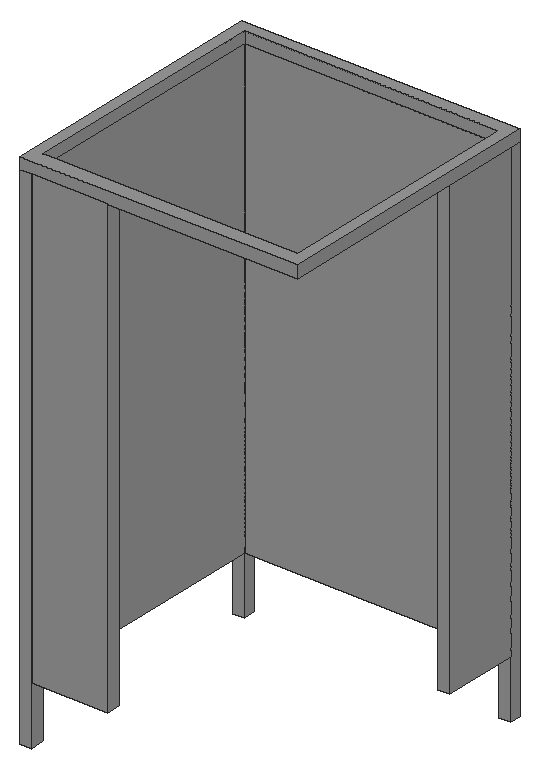
Revit family "АВЛН_Кабина для переодевания", category Мебель, Revit 2019
Family settings
  Номер OmniClass = 23.40.20.00
  Заголовок OmniClass = General Furniture and Specialties
  На основе рабочей плоскости = Нет
  Всегда вертикально = Да
  При загрузке вырезать с полостями = Нет
  Общий = Нет
  Точка расчета площади = Нет
Parameters (values of type "Кабина для переодевания 950х950х1800 (h)")
  Описание = "Кабина для переодевания 950х950х1800 (h)"
  Type Comments = ""
  Keynote = ""
  Manufacturer = ""
  Группа модели = "Оборудование основных помещений школы"
  ADSK_Размер_Ширина = 950 mm
  ADSK_Размер_Длина = 950 mm
  ADSK_Размер_Высота = 1800 mm
  ADSK_Обозначение = ""
  ADSK_Масса = 0
  ADSK_Код изделия = ""
  ADSK_Единица измерения = "шт"  # constant formula
Reference planes
  plane 1 "По центру (Вперед/Назад)": y = 0
  plane 2: z = 0
  plane 3 "По центру (Влево/Вправо)": x = 0
  plane 4: z = 1800
  plane 5: y = 475
  plane 6: x = 475
  plane 7: x = -475
  plane 8: y = -475
  plane 9: z = 200
Forms (mm)
  Extrusion 1, solid, material "Деревянная обшивка, ДСП"
    sketch origin (0, -518.993, 592.976) x (-1, 0, 0) y (0, -1, 0)
      loop
        line (435, -993.993) -> (475, -953.993) -> (475, -93.993) -> (435, -43.993) -> (175, -43.993) -> (175, -93.993) -> (435, -93.993) -> (435, -953.993) -> (-435, -953.993) -> (-435, -693.993) -> (-475, -693.993) -> (-475, -953.993) -> (-435, -993.993) -> (435, -993.993)
    from -392.976 to 1167.024
  Extrusion 2, solid, material "Сталь, гальванизированная"
    sketch origin (0, -518.993, 812.976) x (-1, 0, 0) y (0, -1, 0)
      loop
        line (475, -43.993) -> (-475, -43.993) -> (-475, -993.993) -> (475, -993.993) -> (475, -43.993)
      loop
        line (-435, -953.993) -> (435, -953.993) -> (435, -93.993) -> (-435, -93.993) -> (-435, -953.993)
    from 947.024 to 987.024
  Extrusion 3, solid, material "Сталь, гальванизированная"
    sketch origin (0, -518.993, 592.976) x (-1, 0, 0) y (0, -1, 0)
      loop
        line (435, -93.993) -> (475, -93.993) -> (475, -43.993) -> (435, -43.993) -> (435, -93.993)
      loop
        line (475, -993.993) -> (475, -953.993) -> (435, -953.993) -> (435, -993.993) -> (475, -993.993)
      loop
        line (-475, -993.993) -> (-435, -993.993) -> (-435, -953.993) -> (-475, -953.993) -> (-475, -993.993)
    from -592.976 to 1167.024
Lines and regions (mm)
  symbolic lines
    curve 1: line (455, 175, 592.976) -> (356.519, 157.635, 592.976)
    curve 2: line (356.519, 157.635, 592.976) -> (555.758, 140.204, 592.976)
    curve 3: line (356.519, 122.773, 592.976) -> (555.758, 140.204, 592.976)
    curve 4: line (356.519, 87.911, 592.976) -> (555.758, 105.342, 592.976)
    curve 5: line (356.519, 122.773, 592.976) -> (555.758, 105.342, 592.976)
    curve 6: line (356.519, 18.186, 592.976) -> (555.758, 35.617, 592.976)
    curve 7: line (356.519, 53.048, 592.976) -> (555.758, 35.617, 592.976)
    curve 8: line (356.519, 87.911, 592.976) -> (555.758, 70.479, 592.976)
    curve 9: line (356.519, 53.048, 592.976) -> (555.758, 70.479, 592.976)
    curve 10: line (356.519, 18.186, 592.976) -> (555.758, 0.755, 592.976)
    curve 11: line (356.519, -16.676, 592.976) -> (555.758, 0.755, 592.976)
    curve 12: line (356.519, -51.539, 592.976) -> (555.758, -34.107, 592.976)
    curve 13: line (356.519, -16.676, 592.976) -> (555.758, -34.107, 592.976)
    curve 14: line (-175, -450, 592.976) -> (-157.635, -548.481, 592.976)
    curve 15: line (-157.635, -548.481, 592.976) -> (-140.204, -349.242, 592.976)
    curve 16: line (-122.773, -548.481, 592.976) -> (-140.204, -349.242, 592.976)
    curve 17: line (-87.911, -548.481, 592.976) -> (-105.342, -349.242, 592.976)
    curve 18: line (-122.773, -548.481, 592.976) -> (-105.342, -349.242, 592.976)
    curve 19: line (-18.186, -548.481, 592.976) -> (-35.617, -349.242, 592.976)
    curve 20: line (-53.048, -548.481, 592.976) -> (-35.617, -349.242, 592.976)
    curve 21: line (-87.911, -548.481, 592.976) -> (-70.479, -349.242, 592.976)
    curve 22: line (-53.048, -548.481, 592.976) -> (-70.479, -349.242, 592.976)
    curve 23: line (-18.186, -548.481, 592.976) -> (-0.755, -349.242, 592.976)
    curve 24: line (16.676, -548.481, 592.976) -> (-0.755, -349.242, 592.976)
    curve 25: line (51.539, -548.481, 592.976) -> (34.107, -349.242, 592.976)
    curve 26: line (16.676, -548.481, 592.976) -> (34.107, -349.242, 592.976)
Dimensions and locks
  plane 2 to plane 4 = 1800 mm
  equal spacing: plane 8, plane 1 "По центру (Вперед/Назад)", plane 5
  equal spacing: plane 7, plane 3 "По центру (Влево/Вправо)", plane 6
  "ADSK_Размер_Длина": plane 7 to plane 6
  "ADSK_Размер_Ширина": plane 5 to plane 8
  "ADSK_Размер_Высота": plane 2 to plane 4
  locked: Extrusion 1 to plane 6 at 40
  locked: plane 7 to Extrusion 1 at 40
  locked: plane 5 to Extrusion 1 at 40
  plane 9 to plane 4 = 1600 mm
  locked: plane 5 to Extrusion 1 at 300
  plane 7 to Extrusion 1 = 300 mm
  locked: Extrusion 2 to plane 4 at 40
  aligned and locked: level to plane 2
  aligned and locked: Extrusion 1 sketch curve to plane 5
  aligned and locked: plane 7 to Extrusion 1 sketch curve
  aligned and locked: Extrusion 1 sketch curve to plane 6
  aligned and locked: Extrusion 1 to plane 9
  aligned and locked: plane 5 to Extrusion 1  (x2)
  aligned and locked: Extrusion 1 to plane 7  (x2)
  aligned and locked: Extrusion 1 to plane 8
  aligned and locked: plane 6 to Extrusion 1
  aligned and locked: plane 6 to Extrusion 2 sketch curve
  aligned and locked: Extrusion 2 sketch curve to plane 8
  aligned and locked: Extrusion 2 sketch curve to Extrusion 1  (x2)
  aligned and locked: Extrusion 2 to plane 4
  aligned and locked: Extrusion 1 to Extrusion 3 sketch curve  (x3)
  aligned and locked: Extrusion 3 sketch curve to Extrusion 1  (x8)
  aligned and locked: Extrusion 3 sketch curve to plane 7
  aligned and locked: Extrusion 3 to level
  aligned and locked: Extrusion 2 sketch curve to plane 7
  aligned and locked: plane 5 to Extrusion 2 sketch curve
  aligned and locked: Extrusion 1 to Extrusion 2
  aligned and locked: Extrusion 3 to Extrusion 2
  aligned and locked: Extrusion 1 sketch curve to Extrusion 1 sketch curve
Automatic sketch dimensions
  curve 7 to plane 1 "По центру (Вперед/Назад)" = 35.617 mm
  plane 6 to curve 7 = 80.758 mm
  plane 1 "По центру (Вперед/Назад)" to curve 12 = 34.107 mm
  curve 12 to curve 6 = 0 mm
  curve 11 to plane 1 "По центру (Вперед/Назад)" = 0.755 mm
  curve 11 to curve 12 = 0 mm
  plane 6 to curve 2 = 80.758 mm
  curve 9 to curve 6 = 0 mm
  curve 4 to curve 2 = 0 mm
  curve 6 to plane 1 "По центру (Вперед/Назад)" = 18.186 mm
  curve 6 to plane 6 = 118.481 mm
  curve 8 to curve 6 = 0 mm
  curve 5 to curve 4 = 0 mm
  curve 9 to plane 1 "По центру (Вперед/Назад)" = 53.048 mm
  curve 9 to curve 4 = 0 mm
  plane 1 "По центру (Вперед/Назад)" to curve 11 = 16.676 mm
  curve 11 to curve 6 = 0 mm
  curve 2 to curve 3 = 0 mm
  plane 3 "По центру (Влево/Вправо)" to curve 25 = 34.107 mm
  plane 3 "По центру (Влево/Вправо)" to curve 24 = 16.676 mm
  curve 23 to plane 3 "По центру (Влево/Вправо)" = 0.755 mm
  curve 19 to plane 3 "По центру (Влево/Вправо)" = 18.186 mm
  curve 24 to curve 19 = 34.862 mm
  curve 19 to curve 20 = 34.862 mm
  curve 19 to curve 21 = 34.862 mm
  curve 20 to curve 21 = 34.862 mm
  curve 22 to curve 17 = 34.862 mm
  curve 17 to curve 16 = 34.862 mm  (x2)
  curve 15 to plane 8 = 73.481 mm
  curve 16 to curve 15 = 34.862 mm
  curve 9 to curve 6 = 34.862 mm
  curve 4 to curve 7 = 34.862 mm
  curve 4 to curve 8 = 34.862 mm
  curve 5 to curve 4 = 34.862 mm
  curve 2 to curve 4 = 34.862 mm
  curve 1 to curve 3 = 34.862 mm
  plane 8 to curve 26 = 125.758 mm
  curve 24 to curve 25 = 0 mm  (x2)
  plane 8 to curve 15 = 125.758 mm
  curve 15 to curve 22 = 0 mm
  curve 15 to curve 17 = 0 mm
  curve 20 to curve 24 = 0 mm
  curve 19 to plane 8 = 73.481 mm
  curve 14 to curve 21 = 0 mm
  curve 18 to curve 17 = 0 mm
  curve 17 to curve 22 = 0 mm
  curve 19 to curve 24 = 0 mm
  curve 1 to plane 6 = 20 mm
  plane 1 "По центру (Вперед/Назад)" to curve 12 = 51.539 mm
  curve 12 to curve 11 = 0 mm
  plane 8 to curve 14 = 25 mm
  curve 15 to curve 14 = 17.365 mm
  curve 1 to curve 1 = 17.365 mm
  curve 25 to curve 24 = 34.862 mm
  plane 7 to Extrusion 2 sketch curve = 40 mm
  Extrusion 2 sketch curve to plane 5 = 40 mm
  Extrusion 1 sketch curve to plane 8 = 0 mm
  Extrusion 1 sketch curve to Extrusion 1 sketch curve = 40 mm  (x2)
  plane 8 to Extrusion 1 sketch curve = 50 mm
  Extrusion 1 sketch curve to plane 3 "По центру (Влево/Вправо)" = 175 mm
  plane 7 to Extrusion 1 sketch curve = 40 mm  (x2)
  Extrusion 1 sketch curve to plane 5 = 40 mm  (x3)
  Extrusion 1 sketch curve to plane 1 "По центру (Вперед/Назад)" = 175 mm
  Extrusion 1 sketch curve to Extrusion 1 sketch curve = 0 mm  (x2)
